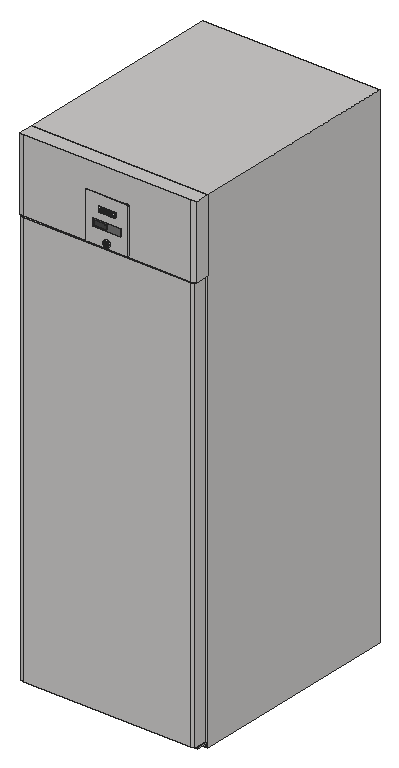
Revit family "QF_ZANUSSI_110879_ZRI093RE1F", category Specialty Equipment, Revit 2018
Family settings
  Round Connector Dimension = Use Diameter
  Part Type = Normal
  Work Plane-Based = No
  Always vertical = Yes
  Cut with Voids When Loaded = No
  Shared = No
  Room Calculation Point = No
Parameters (values of type "Standard")
  Weight = 144.00 kg
  Watts = 30.658 W
  Volts = 220 V
  URL Manufacturer = "http://www.zanussiprofessional.com"
  URL = "http://www.zanussiprofessional.com"
  Steam Supply Size = 0 mm
  Steam Supply Minimum Pressure = 0.0 Pa
  Steam Supply Maximum Pressure = 0.0 Pa
  Steam Pounds per Hour = 0
  Refrigeration Suction Line Size = 0 mm
  Refrigeration Liquid Line Size = 0 mm
  Refrigerant Compressor Remote = yes
  Manufacturer = "Zanussi"
  Phase = 1
  Model = "ZRI093RE1F"
  Length Actual = 750 mm  # constant formula
  Item Number = "110879"
  Hot Water Size = 0 mm
  Height Actual = 2111 mm  # constant formula
  HP = "0.4 HP"
  Gas Size = 0 mm
  Gas KW = 0
  Gas Input Pressure = 0 W
  Description = "1-DOOR ROLL-IN REFRIGERATOR 930LT 0/+10°C R290"
  Depth Actual = 986 mm  # constant formula
  Cycle = 50 Hz
  Condensate Return Size = 0 mm
  Compressed Air Volume = 0.0 L/s
  Compressed Air Size = 0 mm
  Compressed Air Pressure = 0.0 Pa
  Cold Water Size = 0 mm
  Accessory = yes
Types (2, lengths in mm): name | URL | Manufacturer | Phase | Model | Description
  (no name) | 0 | 0 | 0 | 0 | 0
  Standard | "http://www.zanussiprofessional.com" | "Zanussi" | 1 | "ZRI093RE1F" | "1-DOOR ROLL-IN REFRIGERATOR 930LT 0/+10°C R290"
Values of the unnamed type that differ from the named types
  Watts = 0 W
  Volts = 0 V
  URL Manufacturer = ""
  Item Number = ""
  HP = ""
  Cycle = 0 Hz
Reference planes
  plane 1 "Center (Front/Back)": y = 0
  plane 2: z = 0
  plane 3 "Center (Left/Right)": x = 0
  plane 4 "TOP": z = 2111
  plane 5 "FRONT": y = -493
  plane 6 "BACK": y = 493
  plane 7 "LEFT": x = -375
  plane 8 "RIGHT": x = 375
  plane 9 "ROy": y = 220
  plane 10 "RIy": y = 167
  plane 11 "ROx": x = 129
  plane 12 "RIx": x = 192
  plane 13 "ROz": z = 2004
Forms (mm)
  Extrusion 1, solid, material "QF_Finishes_Stainless Steel"
    sketch origin (0, 0, 0) x (1, 0, 0) y (0, 1, 0)
      loop
        line (-375, 493) -> (-375, -421) -> (375, -421) -> (375, 493) -> (-375, 493)
    from 0 to 2111
  Extrusion 2, solid
    sketch origin (0, 493, 1872) x (-1, 0, 0) y (0, 0, 1)
      loop
        circle (359, 144) r 10
    from 0 to 3.2
  Extrusion 3, solid, material "QF_Clearances", detail levels coarse
    sketch origin (0, 0, 0) x (1, 0, 0) y (0, 1, 0)
      loop
        line (-375, -493) -> (-375, 493) -> (375, 493) -> (375, -493) -> (425, -493) -> (425, 543) -> (-425, 543) -> (-425, -493) -> (-375, -493)
    from 0 to 2111
  Extrusion 4, solid, material "QF_Clearances", detail levels coarse
    sketch origin (0, 0, 2111) x (-1, 0, 0) y (0, -1, 0)
      loop
        line (425, -543) -> (425, 493) -> (-425, 493) -> (-425, -543) -> (425, -543)
    from 0 to 500
  Extrusion 5, void
    sketch origin (0, 493, 0) x (-1, 0, 0) y (0, 0, 1)
      loop
        line (315, 1723.5) -> (-315, 1723.5) -> (-315, 5) -> (315, 5) -> (315, 1723.5)
    from -59 to -914
Cuts and joins
  joined: Extrusion 3, Extrusion 4
  Extrusion 5 cuts Extrusion 1
Lines and regions (mm)
  symbolic lines, style "QF_Clearances", detail levels coarse
    curve 1: line (-375, -493, 2111) -> (-425, -493, 2111)
    curve 2: line (-425, -493, 2111) -> (-425, 543, 2111)
    curve 3: line (-425, 543, 2111) -> (425, 543, 2111)
    curve 4: line (425, 543, 2111) -> (425, -493, 2111)
    curve 5: line (425, -493, 2111) -> (375, -493, 2111)
Dimensions and locks
  plane 6 "BACK" to plane 1 "Center (Front/Back)" to plane 5 "FRONT" = 493 mm, 493 mm
  equal spacing: plane 7 "LEFT", plane 3 "Center (Left/Right)", plane 8 "RIGHT"
  plane 7 "LEFT" to plane 8 "RIGHT" = 750 mm
  plane 6 "BACK" to plane 5 "FRONT" = 986 mm
  plane 4 "TOP" to plane 2 = 2111 mm
  equal spacing: plane 8 "RIGHT", plane 3 "Center (Left/Right)", plane 7 "LEFT"
  plane 6 "BACK" to nested 1 = 1664 mm
  cut or joined group of Extrusion 1, Extrusion 5 to cut or joined group of Extrusion 1, Extrusion 5 = 630 mm
  cut or joined group of Extrusion 1, Extrusion 5 to cut or joined group of Extrusion 1, Extrusion 5 = 855 mm
  plane 6 "BACK" to plane 10 "RIy" = 326 mm
  plane 12 "RIx" to cut or joined group of Extrusion 1, Extrusion 5 = 183 mm
  plane 11 "ROx" to plane 12 "RIx" = 63 mm
  cut or joined group of Extrusion 1, Extrusion 5 to plane 13 "ROz" = 107 mm
  cut or joined group of Extrusion 3, Extrusion 4 to plane 4 "TOP" = 500 mm
  nested 1 to cut or joined group of Extrusion 1, Extrusion 5 = 980 mm
  nested 1 to nested 1 = 16 mm
  cut or joined group of Extrusion 3, Extrusion 4 to cut or joined group of Extrusion 1, Extrusion 5 = 50 mm
  cut or joined group of Extrusion 3, Extrusion 4 to plane 7 "LEFT" = 50 mm
  cut or joined group of Extrusion 1, Extrusion 5 to cut or joined group of Extrusion 3, Extrusion 4 = 50 mm
  plane 4 "TOP" to plane 13 "ROz" = 107 mm
  plane 9 "ROy" to plane 10 "RIy" = 53 mm
  aligned and locked: level to plane 2
Automatic sketch dimensions
  plane 7 "LEFT" to Extrusion 2 sketch curve = 16 mm
  Extrusion 4 sketch curve to plane 5 "FRONT" = 0 mm
  Extrusion 4 sketch curve to plane 8 "RIGHT" = 50 mm
  Extrusion 4 sketch curve to plane 7 "LEFT" = 50 mm
  plane 6 "BACK" to Extrusion 4 sketch curve = 50 mm
  Extrusion 1 sketch curve to plane 7 "LEFT" = 0 mm
  Extrusion 1 sketch curve to plane 8 "RIGHT" = 0 mm
  Extrusion 1 sketch curve to plane 6 "BACK" = 0 mm
  plane 5 "FRONT" to Extrusion 1 sketch curve = 72 mm
  Extrusion 2 sketch curve to plane 4 "TOP" = 95 mm
  Extrusion 3 sketch curve to plane 5 "FRONT" = 0 mm  (x2)
  Extrusion 3 sketch curve to plane 7 "LEFT" = 0 mm
  Extrusion 3 sketch curve to plane 6 "BACK" = 0 mm
  Extrusion 3 sketch curve to plane 8 "RIGHT" = 0 mm
  Extrusion 3 sketch curve to plane 7 "LEFT" = 50 mm
  Extrusion 3 sketch curve to plane 8 "RIGHT" = 50 mm
  plane 6 "BACK" to Extrusion 3 sketch curve = 50 mm
  level to Extrusion 5 sketch curve = 5 mm
  plane 8 "RIGHT" to Extrusion 5 sketch curve = 60 mm
  plane 7 "LEFT" to Extrusion 5 sketch curve = 60 mm
  Extrusion 5 sketch curve to plane 4 "TOP" = 387.5 mm
  curve 4 to plane 5 "FRONT" = 0 mm
  curve 5 to plane 8 "RIGHT" = 0 mm
  curve 1 to plane 5 "FRONT" = 0 mm
  curve 1 to plane 7 "LEFT" = 0 mm
  curve 4 to plane 8 "RIGHT" = 50 mm
  curve 2 to plane 7 "LEFT" = 50 mm
  plane 6 "BACK" to curve 4 = 50 mm
  radius of Extrusion 2 sketch curve = 10 mm
Nested families
  nested 1: "QF_110879_Door" at (0, -421, 1060.5) x (1, 0, 0) z (0, -1, 0), type "QF_110879_Door"
    with Show Clearance yes
  nested 2: "Refrigerator" at (370, -442.5, 110), type "Refrigerator"
Connectors
  electrical at (-359, 496.2, 2016), driven by "Volts"
    settings: on Extrusion 2, index 2, voltage 220 V, apparent load 0 VA, apparent load phase1 0 VA, apparent load phase2 0 VA, apparent load phase3 0 VA, power factor 1, load classification "Other", number of poles 1, system type 30, power factor state 1, is connector primary yes, connector utility no, sub classification motor no, connector description "Electrical Connection"
Definition of nested family "QF_110879_Door"
  Parameters
    Show Clearance [instance] = yes
    Model = "725094"
    Default Elevation = 1219.2 mm
  Reference planes
    plane 1 "Center (Front/Back)": y = 7.5
    plane 2: z = 0
    plane 3 "Center (Left/Right)": x = 0
  Forms (mm)
    Extrusion 1, solid
      sketch origin (0, -919.2, 0) x (1, 0, 0) y (0, 1, 0)
        loop
          line (-740, 2119.2) -> (-740, -324.806) -> (846.344, -324.806) -> (846.344, 2119.2) -> (-740, 2119.2)
      from 0 to -59.546
    Extrusion 2, solid
      sketch origin (0, 7.5, 0) x (1, 0, 0) y (0, 0, 1)
        loop
          line (-375, 60.667) -> (-375, 0) -> (375, 0) -> (375, 60.667) -> (355, 66) -> (-355, 66) -> (-375, 60.667)
      from -1043 to -733
    Extrusion 3, solid
      sketch origin (0, 7.5, 0) x (1, 0, 0) y (0, 0, 1)
        loop
          line (-370, 62) -> (-370, 26) -> (-348, 26) -> (-348, 8) -> (-330, 8) -> (-330, 0) -> (362, 0) -> (362, 8) -> (370, 8) -> (370, 62) -> (355, 66) -> (-355, 66) -> (-370, 62)
      from -726 to 1043
    Extrusion 4, solid
      sketch origin (147, -721.5, 0) x (0, 1, 0) y (0, 0, 1)
        loop
          line (-323.003, 40.312) -> (-316.501, 40.312) -> (-316.501, 42.812) -> (-325.503, 42.812) -> (-325.503, 2.5) -> (-339, 2.5) -> (-339, 0) -> (-323.003, 0) -> (-323.003, 12.259) -> (-323.003, 40.312)
        loop
          line (-314, 38.311) -> (-316.501, 38.311) -> (-316.501, 14.304) -> (-319.752, 14.304) -> (-319.752, 11.804) -> (-314, 11.804) -> (-314, 38.311)
      from 185 to 220
    Extrusion 5, solid
      sketch origin (147, 499.597, 0) x (0, 1, 0) y (0, 0, 1)
        loop
          line (233.903, 27.948) -> (233.903, 2.948) -> (233.903, 0) -> (240.903, 0) -> (240.903, 2.5) -> (236.403, 2.5) -> (236.403, 27.948) -> (233.903, 27.948)
      from 185 to 220
    Extrusion 6, solid, detail levels coarse
      sketch origin (24, 1013.369, -334) x (-1, 0, 0) y (0, 0, -1)
        loop
          line (-367, -352) -> (-367, -1084) -> (-329, -1084) -> (-329, -1062) -> (-311, -1062) -> (-311, -1044) -> (-303, -1044) -> (-303, -400) -> (-351, -400) -> (-351, -352) -> (-367, -352)
      from 2048.869 to 279.869
    Extrusion 7, solid, detail levels coarse
      sketch origin (41, 1123.369, -334) x (1, 0, 0) y (0, 0, 1)
        loop
          line (286, 400) -> (286, 1044) -> (294, 1044) -> (294, 1062) -> (312, 1062) -> (312, 1084)
          arc (312, 1084) -> (-184.675, 884.882) -> (-411, 400) r 727.877
          line (-411, 400) -> (286, 400)
      from 2158.869 to 389.869
  Lines and regions (mm)
    symbolic lines
      curve 1: line (-375, 7.5, 0) -> (-375, 7.5, 60.667)
      curve 2: line (375, 7.5, 0) -> (-375, 7.5, 0)
      curve 3: line (391, 7.5, 18) -> (391, 7.5, 750)
      curve 4: line (327, 7.5, 66) -> (327, 7.5, 710)
      curve 5: line (391, 7.5, 750) -> (353, 7.5, 750)
      curve 6: line (353, 7.5, 728) -> (353, 7.5, 750)
      curve 7: line (335, 7.5, 728) -> (353, 7.5, 728)
      curve 8: line (335, 7.5, 710) -> (335, 7.5, 728)
      curve 9: line (327, 7.5, 710) -> (335, 7.5, 710)
      curve 10: line (375, 7.5, 18) -> (391, 7.5, 18)
      curve 11: arc (353, 7.5, 750) -> (-143.675, 7.5, 550.882) -> (-370, 7.5, 66) r 727.877
      curve 12: line (375, 7.5, 0) -> (375, 7.5, 60.667)
      curve 13: line (-355, 7.5, 66) -> (-375, 7.5, 60.667)
      curve 14: line (355, 7.5, 66) -> (-355, 7.5, 66)
      curve 15: line (375, 7.5, 60.667) -> (355, 7.5, 66)
  Dimensions and locks
    Extrusion 4 to Extrusion 2 = 2111 mm
    Extrusion 3 to Extrusion 3 = 740 mm
    aligned and locked: plane 2 to Extrusion 1
    aligned and locked: level to Extrusion 1
  Nested families
    nested 1: "QF_DisplayNewRollCabinets_ZAN" at (0, 840.5, 66), type "QF_DisplayNewRollCabinets_ZAN"
      with Show Clearance yes
  Definition of nested family "QF_DisplayNewRollCabinets_ZAN"
    Parameters
      Show Clearance [instance] = yes
      Model = "728658"
      Default Elevation = 1219.2 mm
    Reference planes
      plane 1 "Center (Front/Back)": y = 0
      plane 2: z = 0
      plane 3 "Center (Left/Right)": x = 0
    Forms (mm)
      Extrusion 1, solid
        sketch origin (0, -919.2, 0) x (1, 0, 0) y (0, 1, 0)
          loop
            line (-198.75, 1146.2) -> (-198.75, 709.567) -> (165.741, 709.567) -> (165.741, 1146.2) -> (-198.75, 1146.2)
        from 0 to -59.546
      Extrusion 2, solid
        sketch origin (-59, -79.611, 0) x (0, 1, 0) y (-1, 0, 0)
          loop
            circle (0.611, -59) r 14
          loop
            circle (0.611, -59) r 10
        from 1.6 to 6
      Extrusion 3, solid
        sketch origin (744.635, 285.889, 0) x (0, 1, 0) y (-1, 0, 0)
          loop
            circle (-364.889, 744.635) r 10
          loop
            circle (-364.889, 744.635) r 9
        from 1.6 to 6
      Extrusion 4, solid
        sketch origin (744.635, 285.889, 0) x (0, 1, 0) y (-1, 0, 0)
          loop
            circle (-364.889, 744.635) r 8.7
        from 1.6 to 6
      Extrusion 5, void
        sketch origin (744.635, 285.889, 0) x (0, 1, 0) y (-1, 0, 0)
          loop
            line (-372.339, 745.885) -> (-372.339, 743.385) -> (-362.339, 743.385) -> (-362.339, 745.885) -> (-372.339, 745.885)
        from 3 to 7
      Extrusion 6, solid
        sketch origin (0, 0, 0) x (1, 0, 0) y (0, 1, 0)
          loop
            arc (-90, -95) -> (-88.536, -98.536) -> (-85, -100) r 5
            line (-85, -100) -> (85, -100)
            arc (85, -100) -> (88.536, -98.536) -> (90, -95) r 5
            line (90, -95) -> (90, 95)
            arc (90, 95) -> (88.536, 98.536) -> (85, 100) r 5
            line (85, 100) -> (-85, 100)
            arc (-85, 100) -> (-88.536, 98.536) -> (-90, 95) r 5
            line (-90, 95) -> (-90, -95)
          loop
            line (-60, -3.798) -> (-60, -32.827) -> (60, -32.827) -> (60, -3.798) -> (-60, -3.798)
        from 0 to 1.6
      Extrusion 7, solid
        sketch origin (0, 0, 0) x (1, 0, 0) y (0, 1, 0)
          loop
            line (-60, -3.798) -> (-60, -32.827) -> (60, -32.827) -> (60, -3.798) -> (-60, -3.798)
          loop
            line (-56.428, -8.037) -> (-56.428, -28.331) -> (0, -28.331) -> (0, -8.037) -> (-56.428, -8.037)
        from 0 to 1.6
      Extrusion 8, solid
        sketch origin (0, 0, 0) x (1, 0, 0) y (0, 1, 0)
          loop
            line (-56.428, -8.037) -> (-56.428, -28.331) -> (0, -28.331) -> (0, -8.037) -> (-56.428, -8.037)
        from 0 to 1.6
      Extrusion 9, solid
        sketch origin (0, 15, 0) x (1, 0, 0) y (0, 1, 0)
          loop
            line (-24.658, 16.724) -> (-24.658, 20.689) -> (-30.605, 20.689) -> (-24.658, 32.81) -> (-24.658, 36.095) -> (-34.514, 36.095) -> (-34.514, 32.47) -> (-29.303, 32.583) -> (-34.967, 20.689) -> (-34.967, 16.724) -> (-24.658, 16.724)
          loop
            line (-18.968, 23.974) -> (-16.702, 23.974) -> (-17.835, 32.784) -> (-18.968, 23.974)
          loop
            line (-19.988, 16.724) -> (-19.421, 20.462) -> (-16.136, 20.462) -> (-15.57, 16.724) -> (-11.491, 16.724) -> (-15.116, 36.095) -> (-20.554, 36.095) -> (-24.066, 16.724) -> (-19.988, 16.724)
          loop
            line (-10.989, 36.095) -> (-10.989, 16.724) -> (-7.478, 16.724) -> (-7.478, 29.525) -> (-4.192, 16.724) -> (0.113, 16.724) -> (0.113, 36.095) -> (-3.512, 36.095) -> (-3.512, 23.747) -> (-6.798, 36.095) -> (-10.989, 36.095)
          loop
            arc (1.019, 21.515) -> (5.865, 16.692) -> (11.328, 20.802) r 5.22
            line (11.328, 20.802) -> (11.328, 36.095) -> (7.363, 36.095) -> (7.363, 21.708)
            arc (7.363, 21.708) -> (6.321, 20.507) -> (4.984, 21.368) r 1.214
            line (4.984, 21.368) -> (4.984, 36.095) -> (1.019, 36.095) -> (1.019, 21.515)
          loop
            line (18.691, 29.978) -> (22.43, 29.978) -> (22.491, 31.739)
            arc (22.491, 31.739) -> (22.231, 33.702) -> (20.999, 35.254) r 3.719
            arc (20.999, 35.254) -> (17.381, 36.433) -> (13.762, 35.254) r 6.139
            arc (13.762, 35.254) -> (12.287, 32.389) -> (12.47, 29.172) r 6.125
            arc (12.47, 29.172) -> (13.682, 27.393) -> (15.169, 25.838) r 13.068
            line (15.169, 25.838) -> (16.84, 24.357)
            arc (16.84, 24.357) -> (17.826, 23.519) -> (18.593, 22.477) r 5.571
            arc (18.593, 22.477) -> (18.403, 20.654) -> (16.617, 20.247) r 1.573
            arc (16.617, 20.247) -> (16.079, 20.792) -> (15.849, 21.521) r 1.631
            arc (15.849, 21.521) -> (15.831, 22.035) -> (15.849, 22.549) r 7.441
            arc (15.849, 22.549) -> (15.866, 23.035) -> (15.849, 23.521) r 7.03
            line (15.849, 23.521) -> (11.894, 23.521)
            arc (11.894, 23.521) -> (11.932, 20.748) -> (13.025, 18.199) r 7.131
            arc (13.025, 18.199) -> (18.19, 16.728) -> (22.54, 19.877) r 6.148
            arc (22.54, 19.877) -> (22.619, 23.128) -> (21.224, 26.067) r 7.021
            line (21.224, 26.067) -> (16.879, 29.978)
            arc (16.879, 29.978) -> (16.291, 30.717) -> (15.976, 31.606) r 2.858
            arc (15.976, 31.606) -> (17.094, 33.203) -> (18.691, 32.085) r 1.379
            line (18.691, 32.085) -> (18.691, 29.978)
          loop
            line (29.989, 29.978) -> (33.728, 29.978) -> (33.789, 31.739)
            arc (33.789, 31.739) -> (33.529, 33.702) -> (32.297, 35.254) r 3.719
            arc (32.297, 35.254) -> (28.679, 36.433) -> (25.061, 35.254) r 6.139
            arc (25.061, 35.254) -> (23.585, 32.389) -> (23.768, 29.172) r 6.125
            arc (23.768, 29.172) -> (24.98, 27.393) -> (26.468, 25.838) r 13.068
            line (26.468, 25.838) -> (28.138, 24.357)
            arc (28.138, 24.357) -> (29.125, 23.519) -> (29.892, 22.477) r 5.571
            arc (29.892, 22.477) -> (29.702, 20.654) -> (27.915, 20.247) r 1.573
            arc (27.915, 20.247) -> (27.378, 20.792) -> (27.147, 21.521) r 1.631
            arc (27.147, 21.521) -> (27.13, 22.035) -> (27.147, 22.549) r 7.441
            arc (27.147, 22.549) -> (27.164, 23.035) -> (27.147, 23.521) r 7.03
            line (27.147, 23.521) -> (23.192, 23.521)
            arc (23.192, 23.521) -> (23.231, 20.748) -> (24.324, 18.199) r 7.131
            arc (24.324, 18.199) -> (29.488, 16.728) -> (33.838, 19.877) r 6.148
            arc (33.838, 19.877) -> (33.917, 23.128) -> (32.523, 26.067) r 7.021
            line (32.523, 26.067) -> (28.177, 29.978)
            arc (28.177, 29.978) -> (27.589, 30.717) -> (27.274, 31.606) r 2.858
            arc (27.274, 31.606) -> (28.393, 33.203) -> (29.989, 32.085) r 1.379
            line (29.989, 32.085) -> (29.989, 29.978)
          loop
            line (34.551, 36.095) -> (34.551, 16.724) -> (38.516, 16.724) -> (38.516, 36.095) -> (34.551, 36.095)
        from 1.6 to 3.2
      Extrusion 10, solid
        sketch origin (0, 0, 0) x (1, 0, 0) y (0, 1, 0)
          loop
            line (1.25, -86.45) -> (1.25, -76.45) -> (-1.25, -76.45) -> (-1.25, -86.45) -> (1.25, -86.45)
        from 1.6 to 6
    Cuts and joins
      Extrusion 5 cuts Extrusion 4
    Lines and regions (mm)
      symbolic lines
        curve 1: line (52.518, 0, 4) -> (-53.037, 0, 4)
        curve 2: line (40, 0, 4) -> (40, 0, 6)
        curve 3: line (40, 0, 6) -> (-40, 0, 6)
        curve 4: line (-40, 0, 6) -> (-40, 0, 4)
        curve 5: line (-64.765, 0, 0) -> (-53.037, 0, 4)
        curve 6: line (52.518, 0, 4) -> (64.135, 0, 0)
    Dimensions and locks
      aligned and locked: plane 2 to Extrusion 1
      aligned and locked: level to Extrusion 1
Definition of nested family "Refrigerator"
  Reference planes
    plane 1 "Center (Front/Back)": y = 0
    plane 2: z = 0
    plane 3 "Center (Left/Right)": x = 0
  Lines and regions (mm)
    detail lines, in view "Ref. Level"
      curve 1: spline (-500, 190, 0) -> (-493.185, 166.706, 0) -> (-473.205, 145, 0) -> (-441.421, 126.36, 0) -> (-400, 112.058, 0) -> (-351.764, 103.067, 0) -> (-300, 100, 0) -> (-248.236, 103.067, 0) -> (-200, 112.058, 0) -> (-158.579, 126.36, 0) -> (-126.795, 145, 0) -> (-106.815, 166.706, 0) -> (-100, 190, 0) -> (-106.815, 213.294, 0) -> (-126.795, 235, 0) -> (-158.579, 253.64, 0) -> (-200, 267.942, 0) -> (-248.236, 276.933, 0) -> (-300, 280, 0) -> (-351.764, 276.933, 0) -> (-400, 267.942, 0) -> (-441.421, 253.64, 0) -> (-473.205, 235, 0) -> (-493.185, 213.294, 0) -> (-500, 190, 0)
      curve 2: line (-300, 130, 0) -> (-300, 250, 0)
      curve 3: line (-351.962, 220, 0) -> (-248.038, 160, 0)
      curve 4: line (-351.962, 160, 0) -> (-248.038, 220, 0)
      curve 5: line (-280.884, 246.873, 0) -> (-300, 225, 0)
      curve 6: line (-300, 225, 0) -> (-319.116, 246.873, 0)
      curve 7: line (-330.311, 207.5, 0) -> (-339.696, 234.992, 0)
      curve 8: line (-358.812, 201.882, 0) -> (-330.311, 207.5, 0)
      curve 9: line (-330.311, 172.5, 0) -> (-358.812, 178.118, 0)
      curve 10: line (-339.696, 145.008, 0) -> (-330.311, 172.5, 0)
      curve 11: line (-300, 155, 0) -> (-319.116, 133.127, 0)
      curve 12: line (-280.884, 133.127, 0) -> (-300, 155, 0)
      curve 13: line (-269.689, 172.5, 0) -> (-260.304, 145.008, 0)
      curve 14: line (-241.188, 178.118, 0) -> (-269.689, 172.5, 0)
      curve 15: line (-269.689, 207.5, 0) -> (-241.188, 201.882, 0)
      curve 16: line (-260.304, 234.992, 0) -> (-269.689, 207.5, 0)
